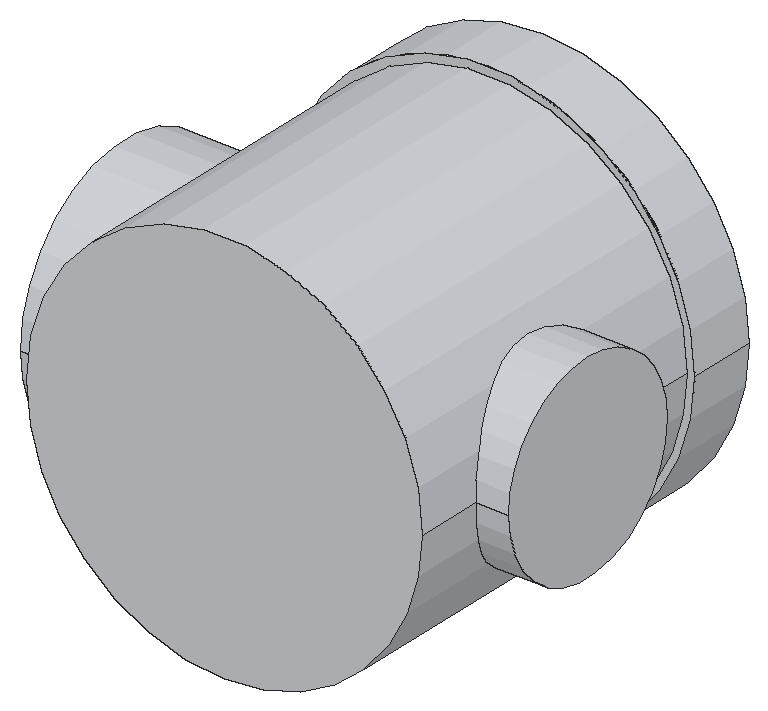
Revit family "M_Cruzamento redondo com cobertura", category Conexões de duto, Revit 2019
Family settings
  Cota do conector redondo = Usar raio
  Tipo de parte = Tê
  Número OmniClass = 23.75.70.14
  Título OmniClass = Air Ductwork
  ID de item do Seek = Round Cross with Cap-0000-CAN-ENU
  Com base no plano de trabalho = Não
  Sempre na vertical = Sim
  Corte com vazios quando carregada = Não
  Compartilhado = Não
Parameters (values of type "Padrão")
  Comprimento do rebaixo [instance] = 25 mm
  Raio do duto 3 [instance] = 150 mm
  Raio do duto 2 [instance] = 75 mm
  Raio do duto 1 [instance] = 100 mm
  Comprimento do duto 4 [instance] = 50.8 mm  # constant formula
  Comprimento do duto 2 [instance] = if(Raio do duto 2 > Raio do duto 1, Raio do duto 2 + Comprimento do rebaixo, Raio do duto 1 + Comprimento do rebaixo)  # 125 mm
  Comprimento do duto 1 [instance] = Raio do duto 3 + Comprimento do rebaixo  # 175 mm
  Diâmetro do duto 3 [instance] = Raio do duto 3 * 2  # 300 mm
  Diâmetro do duto 2 [instance] = Raio do duto 2 * 2  # 150 mm
  Diâmetro do duto 1 [instance] = Raio do duto 1 * 2  # 200 mm
  Raio da cobertura [instance] = Raio do duto 3 + 6 mm  # 156 mm
Reference planes
  plane 1 "Centro (Frente/Trás)": y = 0
  plane 2: z = 0
  plane 3 "Centro (Esquerda/Direita)": x = 0
  plane 4: y = 125
  plane 5: x = -175
  plane 6: x = 175
  plane 7: y = -125
  plane 8: y = 175.8
  plane 9: x = -156
  plane 10: x = 156
Forms (mm)
  Sweep 1, solid, detail levels medium+fine
    path in 3D
      loop
        line (0, -125, 0) -> (0, 125, 0)
    profile origin (0, 0, 0) x (-1, 0, 0) y (0, 0, 1)
      loop
        circle (0, 0) r 150
  Sweep 2, solid, detail levels medium+fine
    path in 3D
      loop
        line (-175, 0, 0) -> (0, 0, 0)
    profile origin (-87.5, 0, 0) x (0, 1, 0) y (0, 0, 1)
      loop
        circle (0, 0) r 100
  Sweep 3, solid, detail levels medium+fine
    path in 3D
      loop
        line (0, 0, 0) -> (175, 0, 0)
    profile origin (87.5, 0, 0) x (0, 1, 0) y (0, 0, 1)
      loop
        circle (0, 0) r 75
  Sweep 4, solid, detail levels medium+fine
    path in 3D
      loop
        line (0, 125, 0) -> (0, 175.8, 0)
    profile origin (0, 150.4, 0) x (-1, 0, 0) y (0, 0, 1)
      loop
        circle (0, 0) r 156
Cuts and joins
  joined: Sweep 1, Sweep 2, Sweep 3, Sweep 4
Lines and regions (mm)
  model lines, detail levels coarse
    curve 1: line (-175, 0, 0) -> (0, 0, 0)
    curve 2: line (0, -125, 0) -> (0, 125, 0)
    curve 5: line (0, 0, 0) -> (175, 0, 0)
    curve 7: line (0, 125, 0) -> (0, 175.8, 0)
    curve 10: line (-156, 125, 0) -> (-156, 175.8, 0)
    curve 11: line (-156, 175.8, 0) -> (156, 175.8, 0)
    curve 12: line (156, 175.8, 0) -> (156, 125, 0)
  sketch lines
    curve 3: line (0, -125, 0) -> (0, 125, 0)
    curve 4: line (-175, 0, 0) -> (0, 0, 0)
    curve 6: line (0, 0, 0) -> (175, 0, 0)
    curve 8: line (0, 125, 0) -> (0, 175.8, 0)
  model lines, not visible, detail levels coarse
    curve 9: line (0, 125, 0) -> (0, 175.8, 0)
Dimensions and locks
  equal spacing: plane 5, plane 3 "Centro (Esquerda/Direita)", plane 6
  "Comprimento do duto 1": plane 5 to plane 3 "Centro (Esquerda/Direita)"
  "Comprimento do duto 2": plane 4 to plane 1 "Centro (Frente/Trás)"
  "Comprimento do duto 2": plane 1 "Centro (Frente/Trás)" to plane 7
  "Comprimento do duto 4": plane 8 to plane 4
  equal spacing: plane 9, plane 3 "Centro (Esquerda/Direita)", plane 10
  "Raio da cobertura": plane 9 to plane 3 "Centro (Esquerda/Direita)"
  "Raio do duto 3": radius of Sweep 1 sketch curve
  "Raio do duto 1": radius of Sweep 2 sketch curve
  "Raio do duto 2": radius of Sweep 3 sketch curve
  "Raio da cobertura": radius of Sweep 4 sketch curve
  aligned and locked: plane 5 to curve 1
  aligned and locked: plane 3 "Centro (Esquerda/Direita)" to Sweep 1 sketch curve
  aligned and locked: plane 2 to Sweep 1 sketch curve
  aligned and locked: plane 1 "Centro (Frente/Trás)" to Sweep 2 sketch curve
  aligned and locked: plane 2 to Sweep 2 sketch curve
  aligned and locked: plane 3 "Centro (Esquerda/Direita)" to curve 1
  aligned and locked: plane 7 to curve 2
  aligned and locked: plane 1 "Centro (Frente/Trás)" to curve 5
  aligned and locked: plane 6 to curve 5
  aligned and locked: plane 1 "Centro (Frente/Trás)" to Sweep 3 sketch curve
  aligned and locked: plane 2 to Sweep 3 sketch curve
  aligned and locked: plane 8 to curve 7
  aligned and locked: plane 3 "Centro (Esquerda/Direita)" to Sweep 4 sketch curve
  aligned and locked: plane 2 to Sweep 4 sketch curve
  aligned and locked: plane 4 to curve 10
  aligned and locked: plane 4 to curve 12
  aligned and locked: plane 8 to curve 11
  aligned and locked: curve 10 to plane 9
  aligned and locked: plane 10 to curve 12
  aligned and locked: plane 9 to curve 11
Automatic sketch dimensions
  curve 1 to plane 1 "Centro (Frente/Trás)" = 0 mm
  curve 2 to plane 4 = 0 mm
Connectors
  hvac at (-175, 0, 0), driven by "Raio do duto 1"
    settings: on Sweep 2, index 1, duct flow 0.0 L/s, flow factor 0, pres drop 0.0 Pa, loss coef 0, conn angle 0.00°, conn width 304.8 mm, conn height 304.8 mm, conn diameter 200 mm, duct sys type 28, conn prof type 0, flow config 0, flow direction 0, loss method 0, conn ref index 2, conn util no, is conn primary yes, conn desc ""
  hvac at (175, 0, 0), driven by "Raio do duto 2"
    settings: on cut or joined group of Sweep 1, Sweep 2, Sweep 3, Sweep 4, index 2, duct flow 0.0 L/s, flow factor 0, pres drop 0.0 Pa, loss coef 0, conn angle 0.00°, conn width 304.8 mm, conn height 304.8 mm, conn diameter 150 mm, duct sys type 28, conn prof type 0, flow config 0, flow direction 0, loss method 0, conn ref index 1, conn util no, is conn primary no, conn desc ""
  hvac at (0, -125, 0), driven by "Raio do duto 3"
    settings: on cut or joined group of Sweep 1, Sweep 2, Sweep 3, Sweep 4, index 3, duct flow 0.0 L/s, flow factor 0, pres drop 0.0 Pa, loss coef 0, conn angle 0.00°, conn width 304.8 mm, conn height 304.8 mm, conn diameter 300 mm, duct sys type 28, conn prof type 0, flow config 0, flow direction 0, loss method 0, conn ref index -1, conn util no, is conn primary no, conn desc ""
